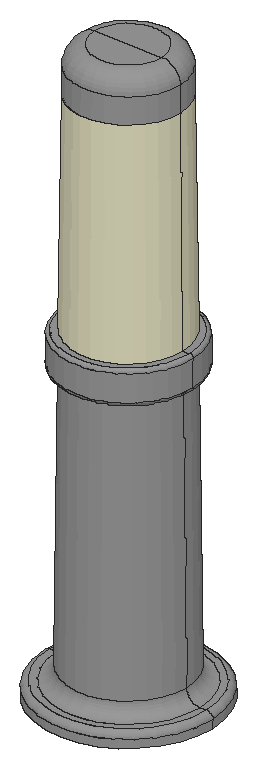
Revit family "Lighting-ArredoUrbano-GEWISS-POINT-LED_ILLUMINAZIONE_GIARDINO", category Apparecchi per illuminazione, host Superficie, Revit 2019
Family settings
  Host = Superficie
  Quota connettore circolare = Usa diametro
  Tipo di parte = Normale
  Numero OmniClass = 23.80.70.00
  Titolo OmniClass = Lighting
  Taglio con vuoti quando caricato = No
  Sorgente d'illuminazione = No
  Condiviso = No
  Punto di calcolo locali = Sì
Parameters (values of type "GW82011G - POINT PI.4W E14 DR 3000K GRIGIO GRAFITE")
  Voltaggio = 230 V
  Vetro = GEWISS - vetro acceso
  Versione file RFA = "20.11"
  URL = "https://www.gewiss.com/it/it"
  Tipologia sorgente luminosa = "A+"
  Tensione = "230 V - 50 Hz"
  Temperatura di colore: = ""
  Temperatura di colore = "3000K"
  Struttura = GEWISS - Grigio Grafite
  Scheda Tecnica = "https://www.gewiss.com/it/it/search?q=GW82011G"
  SIMBOLO [instance] = yes
  SEO = "Paletto"
  Resistenza agli urti = "IK10"
  Raggio int = 45 mm
  Raggio = 68.5 mm
  Default Elevation = 1219.2 mm
  Produttore = "GEWISS S.p.A."
  Potenza lampada = "4W"
  Offset etichetta W [instance] = 160 mm
  Numero lampade: = "1"
  Numero lampade = "1"
  Numero di poli = 2
  Modello = "GW82011G"
  Lampada: = "DR"
  Lampada = "DR"
  Inquinamento luminoso: = "25%"
  Inquinamento luminoso = "25%"
  Immagine tipo = GW82006.jpg
  IFC.TypeObject = ""
  IFC.ExportType = ""
  IFC.ExportAs = ""
  IDT = "f2a9305b-c3d1-4dd3-b135-09b9879f617e"
  IDF = "a9958e68-dd21-43ca-9765-15268e6ed8c2"
  Grado di protezione = "IP55"
  Glow Wire Test = "650°C"
  Garanzia = "Estendibile"
  ETICHETTA W [instance] = yes
  Descrizione = "POINT PICCOLO 4W E14 DR 3000K GRIGIO GRAFITE"
  Creato da GEWISS S.p.A. = ""
  Commenti sul wattaggio = "4W"
  Colore = "Grigio grafite"
  Codice Electrocod = "2442"
  Codice EAN = "8011564869004"
  Classe isolamento = "II"
  Classe di efficienza LED integrati = "D ÷ A+"
  Catalogo Serie = "POINT"
  Catalogo = "LIGHTING"
  Carico apparente = 4 VA
  COBie.Tagnumber = ""
  COBie.CreatedOn = ""
  COBie.CreatebBy = ""
  COBie.ComponentRegisterItemID = ""
  COBie.Component.TagNumber = ""
  COBie.Component.Space = ""
  COBie.Component.SerialNumber = ""
  COBie.Component.InstallationDate = ""
  COBie.Component.Description = ""
  COBie.Component.BarCode = ""
  BIDIMENSIONALE [instance] = not(SIMBOLO)  # no
  Attacco lampada = "E14"
  Applicazione = "Esterno"
  Altezza (mm) = "473"
  Altezza = 473 mm
  2D LAT = 2D - POINT : 006
Types (6, lengths in mm): name | Tipologia sorgente luminosa | Temperatura di colore: | Struttura | Scheda Tecnica | Resistenza agli urti | Raggio int | Raggio | Potenza lampada | Numero lampade | Modello | Inquinamento luminoso: | Inquinamento luminoso | IDT | Grado di protezione | Glow Wire Test | Garanzia | Descrizione | Commenti sul wattaggio | Colore | Codice Electrocod | Codice EAN | Classe isolamento | Classe di efficienza LED integrati | Catalogo Serie | Carico apparente | Attacco lampada | Applicazione | Altezza (mm) | Altezza | 2D LAT
  GW82011B - POINT PI.4W E14 DR 3000K BLU | "A+" | "" | GEWISS - BLU NOTTE | "https://www.gewiss.com/it/it/search?q=GW82011B" | "IK10" | 45 | 68.5 | "4W" | "1" | "GW82011B" | "25%" | "25%" | "375dd045-2c7b-44e7-a7c3-4e53dd9c4b41" | "IP55" | "650°C" | "Estendibile" | "POINT PICCOLO 4W E14 DR 3000K BLU" | "4W" | "Blu notte" | "2442" | "8011564869028" | "II" | "D ÷ A+" | "POINT" | 4 VA | "E14" | "Esterno" | "473" | 473 | 2D - POINT : 006
  GW82016B - POINT GR.11W E27 DR 3000K BLU | "A+" | "" | GEWISS - BLU NOTTE | "https://www.gewiss.com/it/it/search?q=GW82016B" | "IK10" | 65 | 92 | "6W" | "1" | "GW82016B" | "25%" | "25%" | "dfe715c6-2373-4454-90b8-ca77e09b11c6" | "IP55" | "650°C" | "Estendibile" | "POINT GRANDE 6W E27 DR 3000K BLU" | "6W" | "Blu notte" | "2442" | "8011564869035" | "II" | "D ÷ A+" | "POINT" | 6 VA | "E27" | "Esterno" | "550" | 550 | 2D - POINT : 007
  GW82016G - POINT GR.11W E27 DR 3000K GRIGIO GRAFITE | "A+" | "" | GEWISS - Grigio Grafite | "https://www.gewiss.com/it/it/search?q=GW82016G" | "IK10" | 65 | 92 | "6W" | "1" | "GW82016G" | "25%" | "25%" | "af5028f3-78a7-4922-8b08-3af6b06d1528" | "IP55" | "650°C" | "Estendibile" | "POINT GRANDE 6W E27 DR 3000K GRIGIO GRAFITE" | "6W" | "Grigio grafite" | "2442" | "8011564869011" | "II" | "D ÷ A+" | "POINT" | 6 VA | "E27" | "Esterno" | "550" | 550 | 2D - POINT : 007
  GW82011G - POINT PI.4W E14 DR 3000K GRIGIO GRAFITE | "A+" | "" | GEWISS - Grigio Grafite | "https://www.gewiss.com/it/it/search?q=GW82011G" | "IK10" | 45 | 68.5 | "4W" | "1" | "GW82011G" | "25%" | "25%" | "f2a9305b-c3d1-4dd3-b135-09b9879f617e" | "IP55" | "650°C" | "Estendibile" | "POINT PICCOLO 4W E14 DR 3000K GRIGIO GRAFITE" | "4W" | "Grigio grafite" | "2442" | "8011564869004" | "II" | "D ÷ A+" | "POINT" | 4 VA | "E14" | "Esterno" | "473" | 473 | 2D - POINT : 006
  GW82018G - POINT 780MM 11W E27 DR 3000K GRIGIO | "" | "3000 K" | GEWISS - Grigio Grafite | "https://www.gewiss.com/it/it/search?q=GW82018G" | "" | 65 | 92 | "11W" | "" | "GW82018G" | "" | "" | "5c686a0020624315860f937aa864e165" | "" | "" | "" | "POINT 780MM 11W E27 DR 3000K GRIGIO" | "6W" | "Grigio grafite" | "2424" | "" | "" | "" | "" | 6 VA | "E27" | "" | "780" | 550 | 2D - POINT : 007
  GW82018B - POINT 780MM 11W E27 DR 3000K BLU | "" | "3000 K" | GEWISS - BLU NOTTE | "https://www.gewiss.com/it/it/search?q=GW82018B" | "" | 65 | 92 | "11W" | "" | "GW82018B" | "" | "" | "494a7f2640874e39ac283f687617d0fe" | "" | "" | "" | "POINT 780MM 11W E27 DR 3000K BLU" | "6W" | "BlueGreen" | "2424" | "" | "" | "" | "" | 6 VA | "E27" | "" | "780" | 550 | 2D - POINT : 007
Reference planes
  plane 1 "Centro (Fronte/Retro)": y = 0
  plane 2: z = 0
  plane 3 "Centro (Sinistra/Destra)": x = 0
  plane 4: z = 35.707
  plane 5: x = -68.5
  plane 6: x = 68.501
  plane 7: x = -52.612
  plane 8: x = 52.602
  plane 9: x = -44.455
  plane 10: x = 44.455
  plane 11: x = -28.994
  plane 12: x = 29.057
  plane 13: z = 473
  plane 14: z = 11.549
  plane 15: z = 438
  plane 16: z = 265.883
  plane 17: y = -160
Forms (mm)
  Revolve 1, solid, material "GEWISS - Grigio Grafite" <- "Struttura"
    sketch origin (0, 0, 0) x (1, 0, 0) y (0, 0, 1)
      loop
        arc (-63.5, 11.549) -> (-67.036, 10.085) -> (-68.5, 6.549) r 5
        line (-68.5, 6.549) -> (-68.5, 0) -> (0, 0) -> (0, 265.883) -> (-49.885, 265.883)
        arc (-49.885, 265.883) -> (-51.813, 265.084) -> (-52.612, 263.156) r 2.727
        line (-52.612, 263.156) -> (-52.612, 241.98)
        arc (-52.612, 241.98) -> (-51.83, 240.092) -> (-49.941, 239.31) r 2.671
        line (-49.941, 239.31) -> (-44.882, 239.31) -> (-47.127, 22.238)
        arc (-47.127, 22.238) -> (-50.257, 14.68) -> (-57.815, 11.549) r 10.688
        line (-57.815, 11.549) -> (-63.5, 11.549)
      axis (0, 265.883) -> (0, 0)
    angle from 0 to 360
  Revolve 2, solid, material "GEWISS - vetro acceso" <- "Vetro"
    sketch origin (0, 0, 0) x (1, 0, 0) y (0, 0, 1)
      loop
        line (-44.455, 265.883) -> (0, 265.883) -> (0, 438) -> (-42.433, 438) -> (-44.455, 265.883)
      axis (0, 438) -> (0, 265.883)
    angle from 0 to 360
  Revolve 3, solid, material "GEWISS - Grigio Grafite" <- "Struttura"
    sketch origin (0, 0, 0) x (1, 0, 0) y (0, 0, 1)
      loop
        line (-42.433, 438) -> (0, 438) -> (0, 473) -> (-27.197, 473)
        arc (-27.197, 473) -> (-37.741, 468.669) -> (-42.196, 458.176) r 15
        line (-42.196, 458.176) -> (-42.433, 438)
      axis (0, 473) -> (0, 438)
    angle from 0 to 360
Lines and regions (mm)
  Masking region 1, visible <- "BIDIMENSIONALE"
    outline origin (0, 0, 138.951) x (0, -1, 0) y (1, 0, 0)
      loop
        circle (0, 0) r 68.5
      loop
        circle (0, 0) r 45
  Masking region 2, visible <- "BIDIMENSIONALE"
    outline origin (0, 0, 138.951) x (0, -1, 0) y (1, 0, 0)
      loop
        circle (0, 0) r 45
  model lines
    curve 1: line (0, 0, 33.686) -> (0, 0, 38.686)
Dimensions and locks
  locked: plane 4 to level at 35.707
  locked: plane 7 to plane 5 at 15.888
  locked: plane 8 to plane 6 at 15.899
  locked: plane 9 to plane 7 at 8.156
  locked: plane 10 to plane 8 at 8.148
  locked: plane 9 to plane 11 at 15.461
  locked: plane 12 to plane 10 at 15.398
  "Altezza": plane 13 to level
  locked: plane 14 to level at 11.549
  "Raggio": plane 3 "Centro (Sinistra/Destra)" to plane 5
  locked: plane 15 to plane 16 at 172.117
  plane 13 to plane 16 to plane 14 = 207.117 mm, 254.334 mm
  "Offset etichetta W": plane 1 "Centro (Fronte/Retro)" to plane 17
  radius of Revolve 3 sketch curve = 15 mm
  "Raggio": radius of Masking region 1 sketch curve
  "Raggio int": radius of Masking region 2 sketch curve
  aligned and locked: plane 2 to host face
  aligned and locked: level to host face
  aligned and locked: Revolve 1 sketch curve to plane 14
  aligned and locked: Revolve 1 sketch curve to plane 2
  aligned and locked: Revolve 1 sketch curve to plane 5
  aligned and locked: Revolve 1 sketch curve to plane 7
  aligned and locked: plane 16 to Revolve 1 sketch curve
  aligned and locked: Revolve 2 sketch curve to plane 15
  aligned and locked: Revolve 2 sketch curve to plane 16
  aligned and locked: Revolve 3 sketch curve to plane 15
  aligned and locked: Revolve 3 sketch curve to plane 13
  aligned and locked: plane 3 "Centro (Sinistra/Destra)" to nested 1
  aligned and locked: nested 1 to plane 1 "Centro (Fronte/Retro)"
  aligned and locked: nested 2 to plane 17
  aligned and locked: plane 3 "Centro (Sinistra/Destra)" to nested 2
  aligned and locked: nested 4 to plane 1 "Centro (Fronte/Retro)"
Automatic sketch dimensions
  curve 1 to plane 3 "Centro (Sinistra/Destra)" = 0 mm
  curve 1 to plane 4 = 2.021 mm
  plane 4 to curve 1 = 2.979 mm
  host sketch curve to host sketch curve = 2438.4 mm  (x2)
  Revolve 1 sketch curve to plane 3 "Centro (Sinistra/Destra)" = 0 mm  (x2)
  Revolve 1 sketch curve to plane 5 = 5 mm
  Revolve 1 sketch curve to plane 7 = 5.203 mm
  plane 7 to Revolve 1 sketch curve = 2.671 mm
  plane 7 to Revolve 1 sketch curve = 2.727 mm
  plane 9 to Revolve 1 sketch curve = 2.671 mm
  plane 9 to Revolve 1 sketch curve = 0.427 mm
  Revolve 1 sketch curve to Revolve 1 sketch curve = 21.175 mm
  Revolve 1 sketch curve to Revolve 1 sketch curve = 15.117 mm
  Revolve 1 sketch curve to Revolve 1 sketch curve = 15 mm
  Revolve 2 sketch curve to plane 3 "Centro (Sinistra/Destra)" = 0 mm  (x2)
  Revolve 2 sketch curve to plane 9 = 2.023 mm
  Revolve 2 sketch curve to plane 9 = 0.001 mm
  plane 16 to Revolve 2 sketch curve = 22.883 mm
  Revolve 2 sketch curve to Revolve 2 sketch curve = 10 mm
  Revolve 3 sketch curve to plane 3 "Centro (Sinistra/Destra)" = 0 mm  (x2)
  Revolve 3 sketch curve to plane 11 = 1.798 mm
  Revolve 3 sketch curve to plane 9 = 2.26 mm
  Revolve 3 sketch curve to plane 9 = 2.023 mm
  Revolve 3 sketch curve to plane 15 = 15 mm
  Revolve 3 sketch curve to Revolve 3 sketch curve = 15 mm
  Masking region 1 sketch curve to Masking region 1 sketch curve = 0 mm  (x2)
  plane 1 "Centro (Fronte/Retro)" to Masking region 1 sketch curve = 0 mm
  Masking region 1 sketch curve to plane 3 "Centro (Sinistra/Destra)" = 0 mm
  plane 1 "Centro (Fronte/Retro)" to Masking region 2 sketch curve = 0 mm
  Masking region 2 sketch curve to plane 3 "Centro (Sinistra/Destra)" = 0 mm
  radius of Masking region 1 sketch curve = 45 mm
Nested families
  nested 1: "PROIETTOREGIARDINO" at (0, 0, 138.951) x (1, 0, 0) z (0, 0, -1), visible <- "SIMBOLO", type "PROIETTOREGIARDINO"
  nested 2: "ETICHETTA LIGHT" at (0, -160, 0), visible <- "ETICHETTA W", type "ETICHETTA LIGHT"
  nested 3: "2D - POINT" at (0, 0, 0) x (1, 0, 0) z (0, -1, 0), type <- "2D LAT", type "006"
  nested 4: "2D - POINT" at (0, 0, 0) x (0, 1, 0) z (1, 0, 0), type <- "2D LAT", type "006"
Connectors
  electrical at (0, 0, 0), driven by "Numero di poli", driven by "Voltaggio", driven by "Carico apparente"
    settings: on Revolve 1, index 1, voltage 230 V, apparent load 0 VA, apparent load phase1 4 VA, apparent load phase2 0 VA, apparent load phase3 0 VA, power factor 1, load classification "Illuminazione", number of poles 2, system type 31, power factor state 1, is connector primary yes, connector utility no, sub classification motor no, connector description ""
Definition of nested family "PROIETTOREGIARDINO"
  Reference planes
    plane 1 "Centro (Fronte/Retro)": y = 0
    plane 2: z = 0
    plane 3 "Centro (Sinistra/Destra)": x = 0
  Lines and regions (mm)
    detail lines, in view "Livello rif."
      curve 1: line (-65.309, -65.309, 0) -> (65.309, 65.309, 0)
      curve 2: line (-65.309, 65.309, 0) -> (65.309, -65.309, 0)
      curve 3: circle (0, 0, 0) r 92.361 normal (0, 0, 1)
      curve 4: circle (0, 0, 0) r 111.761 normal (0, 0, 1)
Definition of nested family "ETICHETTA LIGHT"
  Parameters (values of type "ETICHETTA LIGHT")
    COMMENTI = ""
  Reference planes
    plane 1: y = 0
    plane 2: x = 0
  Text (mm)
    label "COMMENTI" at (-0.057, 0.105, 0), shows "COMMENTI"
Definition of nested family "2D - POINT"
  Parameters (values of type "007")
    007 = yes
    006 = no
  Types (2, lengths in mm): name | 007 | 006
    006 | no | yes
    007 | yes | no
  Reference planes
    plane 1 "Centro (Fronte/Retro)": y = 0
    plane 2: z = 0
    plane 3 "Centro (Sinistra/Destra)": x = 0
  Lines and regions (mm)
    Masking region 1, in view "Livello rif.", visible <- "006"
      outline origin (320, 0, 0) x (1, 0, 0) y (0, 1, 0)
        loop
          line (-364.471, 239.967) -> (-369.953, 239.967)
          arc (-369.953, 239.967) -> (-371.846, 239.183) -> (-372.63, 237.289) r 2.678
          line (-372.63, 237.289) -> (-372.63, 216.048)
          arc (-372.63, 216.048) -> (-371.846, 214.155) -> (-369.953, 213.371) r 2.678
          line (-369.953, 213.371) -> (-364.898, 213.371) -> (-367.145, 22.097)
          arc (-367.145, 22.097) -> (-370.228, 14.655) -> (-377.669, 11.553) r 10.524
          line (-377.669, 11.553) -> (-383.185, 11.553)
          arc (-383.185, 11.553) -> (-386.96, 9.989) -> (-388.524, 6.214) r 5.339
          line (-388.524, 6.214) -> (-388.524, 0) -> (-320, 0) -> (-251.621, 0) -> (-251.621, 6.214)
          arc (-251.621, 6.214) -> (-253.184, 9.989) -> (-256.96, 11.553) r 5.339
          line (-256.96, 11.553) -> (-262.475, 11.573)
          arc (-262.475, 11.573) -> (-269.917, 14.655) -> (-273, 22.097) r 10.524
          line (-273, 22.097) -> (-275.246, 213.371) -> (-270.192, 213.371)
          arc (-270.192, 213.371) -> (-268.298, 214.155) -> (-267.514, 216.048) r 2.678
          line (-267.514, 216.048) -> (-267.514, 237.289)
          arc (-267.514, 237.289) -> (-268.298, 239.183) -> (-270.192, 239.967) r 2.678
          line (-270.192, 239.967) -> (-275.674, 239.967) -> (-277.919, 431.103)
          arc (-277.919, 431.103) -> (-282.575, 442.344) -> (-293.816, 447) r 15.897
          line (-293.816, 447) -> (-346.329, 447)
          arc (-346.329, 447) -> (-357.57, 442.344) -> (-362.226, 431.103) r 15.897
          line (-362.226, 431.103) -> (-364.471, 239.967)
    Masking region 2, in view "Livello rif.", visible <- "007"
      outline origin (320.072, 0, 0) x (1, 0, 0) y (0, 1, 0)
        loop
          line (-385.01, 269.556) -> (-391.497, 269.556)
          arc (-391.497, 269.556) -> (-393.39, 268.771) -> (-394.174, 266.878) r 2.678
          line (-394.174, 266.878) -> (-394.174, 242.38)
          arc (-394.174, 242.38) -> (-393.39, 240.487) -> (-391.497, 239.703) r 2.678
          line (-391.497, 239.703) -> (-385.49, 239.703) -> (-387.952, 30.127)
          arc (-387.952, 30.127) -> (-390.342, 18.3) -> (-401.169, 12.975) r 13.668
          line (-401.169, 12.975) -> (-406.684, 12.975)
          arc (-406.684, 12.975) -> (-410.46, 11.411) -> (-412.023, 7.636) r 5.339
          line (-412.023, 7.636) -> (-412.023, 0) -> (-228.121, 0) -> (-228.121, 7.636)
          arc (-228.121, 7.636) -> (-229.685, 11.411) -> (-233.46, 12.975) r 5.339
          line (-233.46, 12.975) -> (-238.976, 12.975)
          arc (-238.976, 12.975) -> (-249.803, 18.3) -> (-252.193, 30.127) r 13.668
          line (-252.193, 30.127) -> (-254.655, 239.703) -> (-248.648, 239.703)
          arc (-248.648, 239.703) -> (-246.755, 240.487) -> (-245.97, 242.38) r 2.678
          line (-245.97, 242.38) -> (-245.97, 266.878)
          arc (-245.97, 266.878) -> (-246.755, 268.771) -> (-248.648, 269.556) r 2.678
          line (-248.648, 269.556) -> (-255.134, 269.556) -> (-257.655, 484.147)
          arc (-257.655, 484.147) -> (-262.884, 496.771) -> (-275.508, 502) r 17.853
          line (-275.508, 502) -> (-364.636, 502)
          arc (-364.636, 502) -> (-377.26, 496.771) -> (-382.489, 484.147) r 17.853
          line (-382.489, 484.147) -> (-385.01, 269.556)
    model lines, in view "Livello rif.", visible <- "007"
      curve 1: line (-8.925, 12.975, 0) -> (-9.077, 15.665, 0)
      curve 2: line (-9.077, 15.665, 0) -> (-8.61, 18.188, 0)
      curve 3: line (-8.61, 18.188, 0) -> (-7.661, 20.561, 0)
      curve 4: line (-7.661, 20.561, 0) -> (-6.084, 22.607, 0)
      curve 5: line (-6.084, 22.607, 0) -> (-4.178, 24.349, 0)
      curve 6: line (-4.178, 24.349, 0) -> (-0.548, 26.199, 0)
      curve 7: line (-0.548, 26.199, 0) -> (3.079, 24.981, 0)
      curve 8: line (3.079, 24.981, 0) -> (4.973, 23.554, 0)
      curve 9: line (4.973, 23.554, 0) -> (6.714, 21.978, 0)
      curve 10: line (6.714, 21.978, 0) -> (7.823, 19.929, 0)
      curve 11: line (7.823, 19.929, 0) -> (8.77, 17.709, 0)
      curve 12: line (8.77, 17.709, 0) -> (9.089, 15.35, 0)
      curve 13: line (9.089, 15.35, 0) -> (8.925, 12.986, 0)
      curve 14: line (8.925, 12.975, 0) -> (8.925, 7.133, 0)
      curve 15: line (8.925, 7.133, 0) -> (-8.925, 7.133, 0)
      curve 16: line (-8.925, 7.133, 0) -> (-8.925, 12.975, 0)
      curve 17: line (8.925, 12.986, 0) -> (86.022, 12.986, 0)
    detail lines, in view "Livello rif.", visible <- "006"
      curve 18: line (-44.471, 239.967, 0) -> (44.326, 239.967, 0)
      curve 19: line (-44.898, 213.371, 0) -> (44.754, 213.371, 0)
      curve 20: line (5.805, 11.553, 0) -> (5.951, 13.668, 0)
      curve 21: line (5.951, 13.668, 0) -> (5.667, 15.769, 0)
      curve 22: line (5.667, 15.769, 0) -> (4.824, 17.746, 0)
      curve 23: line (4.824, 17.746, 0) -> (3.837, 19.57, 0)
      curve 24: line (3.837, 19.57, 0) -> (2.286, 20.974, 0)
      curve 25: line (2.286, 20.974, 0) -> (0.6, 22.244, 0)
      curve 26: line (0.6, 22.244, 0) -> (-2.629, 23.329, 0)
      curve 27: line (-2.629, 23.329, 0) -> (-5.862, 21.681, 0)
      curve 28: line (-5.862, 21.681, 0) -> (-7.559, 20.131, 0)
      curve 29: line (-7.559, 20.131, 0) -> (-8.963, 18.309, 0)
      curve 30: line (-8.963, 18.309, 0) -> (-9.808, 16.196, 0)
      curve 31: line (-9.808, 16.196, 0) -> (-10.224, 13.949, 0)
      curve 32: line (-10.224, 13.949, 0) -> (-10.089, 11.553, 0)
      curve 33: line (-10.089, 11.553, 0) -> (-10.089, 6.352, 0)
      curve 34: line (-10.089, 6.352, 0) -> (5.805, 6.352, 0)
      curve 35: line (5.805, 6.352, 0) -> (5.805, 11.553, 0)
      curve 36: line (-57.669, 11.573, 0) -> (-10.09, 11.573, 0)
      curve 37: line (5.806, 11.573, 0) -> (57.525, 11.573, 0)
    detail lines, in view "Livello rif.", visible <- "007"
      curve 38: line (-64.938, 269.556, 0) -> (64.938, 269.556, 0)
      curve 39: line (-65.417, 239.703, 0) -> (71.424, 239.703, 0)
      curve 40: line (-8.925, 12.986, 0) -> (-86.022, 12.986, 0)
